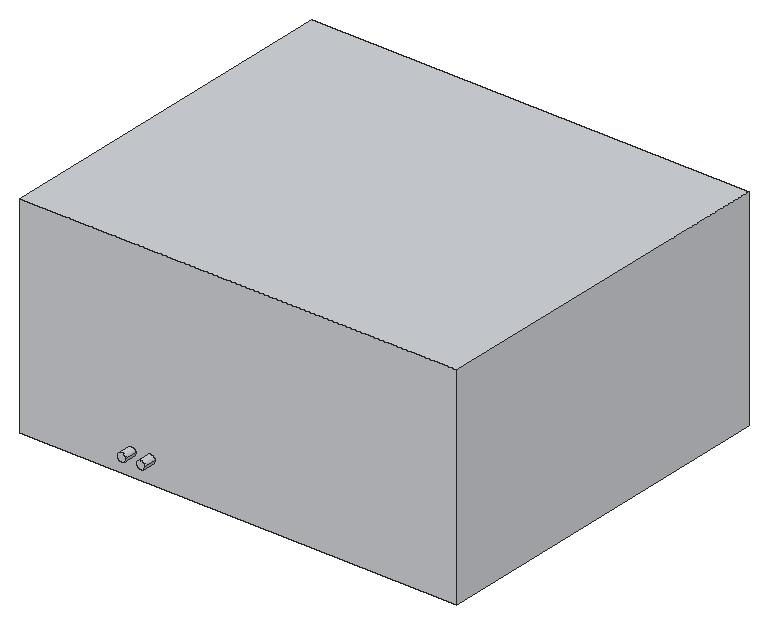
Revit family "38385a1f17874b8ab0aedaead8b972e8", category Mechanical Equipment, Revit 2021
Family settings
  Round Connector Dimension = Use Radius
  Part Type = Normal
  OmniClass Number = 23.75.10.24.21.21
  OmniClass Title = Packaged Water Chillers
  Seek Item ID = Scroll Chiller - Air Cooled - 20-55 Tons-0000-USA-ENU
  Work Plane-Based = No
  Always vertical = Yes
  Cut with Voids When Loaded = No
  Shared = No
  Room Calculation Point = No
Parameters (values of type "55 Tons")
  visible 2 = yes
  visible 1 = yes
  visible 3 = no
  Voltage = 460 V
  Pressure Drop [instance] = 6.25 psi
  Number of Poles = 3
  Load Classification = Cooling
  Drain Flow [instance] = 0 GPM
  Default Elevation = 0' - 0"
  Cooling Capacity [instance] = 651692 Btu/h
  Chiller Width = 7' - 6"
  Chiller Material = none
  Chilled Water Supply Radius = 1"
  Chilled Water Supply Diameter = Chilled Water Supply Radius * 2  # 2"
  Chilled Water Return Radius = 1"
  Chilled Water Return Diameter = Chilled Water Return Radius * 2  # 2"
  Chilled Water Flow [instance] = 130 GPM
  Apparent Load [instance] = 66700 VA
Types (6): name | visible 2 | visible 1 | visible 3 | Pressure Drop | Cooling Capacity | Chiller Width | Chilled Water Flow | Apparent Load
  (no name) | yes | yes | no | 6.25 psi | 651692 Btu/h | 7' - 6" | 130 GPM | 66700 VA
  20-25 Tons | no | no | yes | 4.684 psi | 285584.4 Btu/h | 3' - 7" | 57 GPM | 29600 VA
  30 Tons | no | no | yes | 5.467 psi | 326528.4 Btu/h | 3' - 7" | 65 GPM | 33400 VA
  32-40 Tons | yes | no | no | 3.553 psi | 452431.2 Btu/h | 7' - 6" | 91 GPM | 46400 VA
  42-50 Tons | yes | yes | no | 5.293 psi | 568780.4 Btu/h | 7' - 6" | 114 GPM | 59100 VA
  55 Tons | yes | yes | no | 6.25 psi | 651692 Btu/h | 7' - 6" | 130 GPM | 66700 VA
Reference planes (in)
  plane 1 "Center (Front/Back)": y = 0
  plane 2: z = 0
  plane 3 "Center (Left/Right)": x = 0
  plane 4: x = 108
  plane 5: y = -90
  plane 6: z = 52
  plane 7: x = 27.5
  plane 8: x = 32.25
  plane 9: z = 5.625
  plane 10: y = -93
  plane 11: y = -86
  plane 12: z = 2
  plane 13: x = -2
  plane 14: y = -84.25
  plane 15: z = 6.25
  plane 16: x = 107
  plane 17: y = -45
  plane 18: x = 54
  plane 19: x = 27
  plane 20: x = 81
  plane 21: y = -22.5
  plane 22: y = -67.5
Forms (in)
  Extrusion 1, solid, material <- "Chiller Material"
    sketch origin (0, 0, 0) x (1, 0, 0) y (0, 1, 0)
      loop
        line (0, 0) -> (0, -90) -> (108, -90) -> (108, 0) -> (0, 0)
    from 0 to 52
  Extrusion 2, solid, material <- "Chiller Material"
    sketch origin (0, 0, 0) x (1, 0, 0) y (0, 0, 1)
      loop
        circle (27.5, 5.625) r 1
    from 90 to 93
  Extrusion 3, solid, material <- "Chiller Material"
    sketch origin (0, 0, 0) x (1, 0, 0) y (0, 0, 1)
      loop
        circle (32.25, 5.625) r 1
    from 90 to 93
  Extrusion 4, solid, material <- "Chiller Material"
    sketch origin (0, 0, 0) x (0, 1, 0) y (0, 0, 1)
      loop
        circle (-86, 2) r 0.25
    from -2 to 0
  Extrusion 5, solid, material <- "Chiller Material"
    sketch origin (0, 0, 0) x (0, 1, 0) y (0, 0, 1)
      loop
        circle (-84.25, 6.25) r 0.5
    from 107 to 108
Cuts and joins
  joined: Extrusion 1, Extrusion 2, Extrusion 3, Extrusion 4, Extrusion 5
Lines and regions (in)
  model lines, visible <- "visible 3"
    curve 1: circle (27, -45, 52) r 18 normal (0, 0, 1)
    curve 2: circle (81, -45, 52) r 18 normal (0, 0, 1)
  model lines, visible <- "visible 1"
    curve 3: circle (27, -22.5, 52) r 9 normal (0, 0, 1)
    curve 6: circle (81, -67.5, 52) r 9 normal (0, 0, 1)
  model lines, visible <- "visible 2"
    curve 4: circle (81, -22.5, 52) r 9 normal (0, 0, 1)
    curve 5: circle (27, -67.5, 52) r 9 normal (0, 0, 1)
Dimensions and locks (in)
  locked: plane 3 "Center (Left/Right)" to plane 4 at 108
  "Chiller Width": plane 5 to plane 1 "Center (Front/Back)"
  locked: plane 6 to plane 2 at 52
  locked: plane 7 to plane 3 "Center (Left/Right)" at 27.5
  locked: plane 8 to plane 3 "Center (Left/Right)" at 32.25
  locked: plane 9 to plane 2 at 5.625
  locked: plane 5 to plane 10 at 3
  locked: plane 12 to plane 2 at 2
  locked: plane 13 to plane 3 "Center (Left/Right)" at 2
  locked: plane 5 to plane 14 at 5.75
  locked: plane 15 to plane 2 at 6.25
  locked: plane 16 to plane 4 at 1
  equal spacing: plane 5, plane 17, plane 1 "Center (Front/Back)"
  equal spacing: plane 3 "Center (Left/Right)", plane 18, plane 4
  locked: plane 19 to plane 18 at 27
  locked: plane 18 to plane 20 at 27
  equal spacing: plane 1 "Center (Front/Back)", plane 21, plane 17
  equal spacing: plane 17, plane 22, plane 5
  locked: plane 11 to plane 5 at 4
  "Chilled Water Return Radius": radius of Extrusion 2 sketch curve
  "Chilled Water Supply Radius": radius of Extrusion 3 sketch curve
  radius of Extrusion 4 sketch curve = 0' - 0 1/4"
  radius of Extrusion 5 sketch curve = 0' - 0 1/2"
  radius of curve 1 = 1' - 6"
  radius of curve 2 = 1' - 6"
  radius of curve 3 = 0' - 9"
  radius of curve 4 = 0' - 9"
  radius of curve 5 = 0' - 9"
  radius of curve 6 = 0' - 9"
  aligned and locked: plane 3 "Center (Left/Right)" to Extrusion 1 sketch curve
  aligned and locked: plane 1 "Center (Front/Back)" to Extrusion 1 sketch curve
  aligned and locked: plane 5 to Extrusion 1 sketch curve
  aligned and locked: Extrusion 1 sketch curve to plane 4
  aligned and locked: plane 6 to Extrusion 1
  aligned and locked: Extrusion 1 to plane 2
  aligned and locked: plane 7 to Extrusion 2 sketch curve
  aligned and locked: plane 9 to Extrusion 2 sketch curve
  aligned and locked: Extrusion 2 to plane 5
  aligned and locked: Extrusion 2 to plane 10
  aligned and locked: plane 8 to Extrusion 3 sketch curve
  aligned and locked: plane 9 to Extrusion 3 sketch curve
  aligned and locked: Extrusion 3 to plane 5
  aligned and locked: Extrusion 3 to plane 10
  aligned and locked: plane 11 to Extrusion 4 sketch curve
  aligned and locked: plane 12 to Extrusion 4 sketch curve
  aligned and locked: Extrusion 4 to plane 13
  aligned and locked: plane 3 "Center (Left/Right)" to Extrusion 4
  aligned and locked: plane 14 to Extrusion 5 sketch curve
  aligned and locked: plane 15 to Extrusion 5 sketch curve
  aligned and locked: plane 4 to Extrusion 5
  aligned and locked: Extrusion 5 to plane 16
  aligned and locked: Extrusion 1 to plane 1 "Center (Front/Back)"
  aligned and locked: plane 19 to curve 1
  aligned and locked: plane 17 to curve 1
  aligned and locked: plane 20 to curve 2
  aligned and locked: plane 17 to curve 2
  aligned and locked: plane 19 to curve 3
  aligned and locked: plane 21 to curve 3
  aligned and locked: plane 20 to curve 4
  aligned and locked: plane 21 to curve 4
  aligned and locked: plane 19 to curve 5
  aligned and locked: plane 22 to curve 5
  aligned and locked: plane 20 to curve 6
  aligned and locked: plane 22 to curve 6
Connectors (in)
  piping at (32.25, -93, 5.625), diameter 2, driven by "Chilled Water Flow", driven by "Chilled Water Return Radius"
    settings: on Extrusion 3, index 1, connector inside diameter 2", connector length 0' - 0", flow factor 0, pipe flow 130 GPM, pressure drop 0.00 psi, fitting loss kfactor 0, connector angle 0.00°, fixture units 0, engagement length 0' - 0", angle of deflection 0.00°, flow configuration 0, flow direction 1, fitting loss method 4, system type 8, joint type 0, gender type 0, connector reference index 2, connector utility 0, adjustable connector no, is connector primary yes, connector description "Chilled Water In"
  piping at (27.5, -93, 5.625), diameter 2, driven by "Chilled Water Flow", driven by "Pressure Drop", driven by "Chilled Water Supply Radius"
    settings: on Extrusion 2, index 2, connector inside diameter 2", connector length 0' - 0", flow factor 0, pipe flow 130 GPM, pressure drop 6.25 psi, fitting loss kfactor 0, connector angle 0.00°, fixture units 0, engagement length 0' - 0", angle of deflection 0.00°, flow configuration 0, flow direction 2, fitting loss method 4, system type 7, joint type 0, gender type 0, connector reference index 1, connector utility 0, adjustable connector no, is connector primary no, connector description "Chilled Water Out"
  piping at (-2, -86, 2), diameter 0.5, driven by "Drain Flow"
    settings: on Extrusion 4, index 3, connector inside diameter 1/2", connector length 0' - 0", flow factor 0, pipe flow 0 GPM, pressure drop 0.00 psi, fitting loss kfactor 0, connector angle 0.00°, fixture units 0, engagement length 0' - 0", angle of deflection 0.00°, flow configuration 0, flow direction 2, fitting loss method 0, system type 16, joint type 0, gender type 0, connector reference index -1, connector utility 0, adjustable connector yes, is connector primary no, connector description "Drain Out"
  electrical at (108, -84.25, 6.25), driven by "Apparent Load", driven by "Voltage", driven by "Number of Poles", driven by "Load Classification"
    settings: on Extrusion 5, index 4, voltage 460 V, apparent load 66700 VA, apparent load phase1 0 VA, apparent load phase2 0 VA, apparent load phase3 0 VA, power factor 0.8, load classification "Cooling", number of poles 3, system type 30, power factor state 1, is connector primary yes, connector utility no, sub classification motor no, connector description ""
